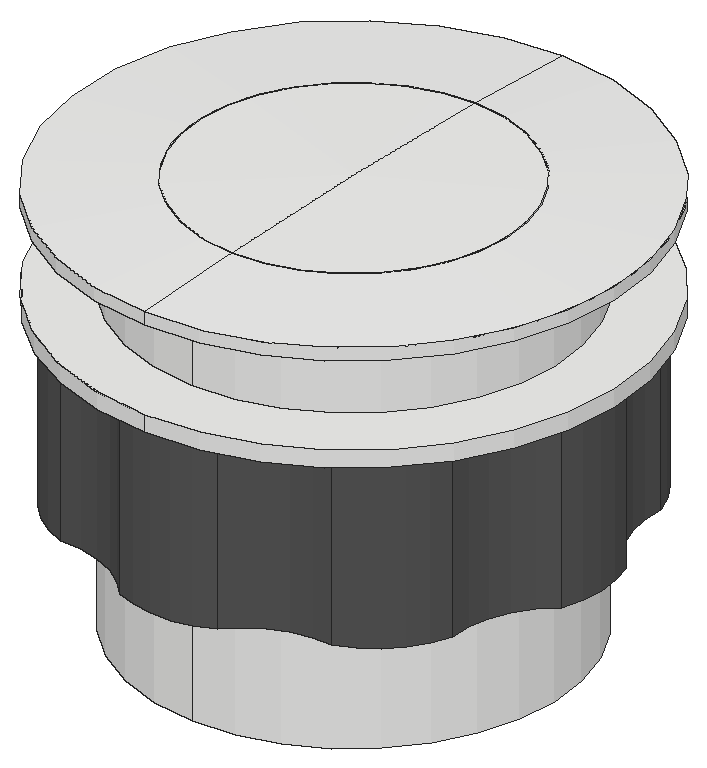
Revit family "Electronics_Masking-Generators_Biamp_Qt-Conference-Room-Edition_Emitter-W", category Communication Devices, host Face, Revit 2020
Family settings
  Host = Face
  Maintain Annotation Orientation = No
  Round Connector Dimension = Use Diameter
  Part Type = Normal
  OmniClass Number = 23.85.10.00
  OmniClass Title = General Information Systems
  Cut with Voids When Loaded = No
  Shared = No
  Room Calculation Point = No
Parameters (values of type "QT Emitter")
  Width [instance] = if([Nom Drywall Rough-in Mount], 5", if(Nom Ceiling Conduit Mount, 4.9", 0"))  # 0"
  Weight [instance] = if(Nom Beam Mount, 0.61 lbf, if(Nom Ceiling Conduit Mount, 5.01 lbf, if(Nom Drywall Mount, 0.42 lbf, if([Nom Drywall Rough-in Mount], 1.76 lbf, if(Nom Pendant Mount, 1.10 lbf, if(Nom Universal Mount, 0.59 lbf, 0.35 lbf))))))  # 0.35 lbf
  Version = 1
  Universal Mount = Universal Mount : Universal Mount
  URL = "https://www.biamp.com/"
  Temperature Range = "40 – 90° F (4 – 32° C)"  # constant formula
  Step [instance] = if(Nom Beam Mount, 2.24409", 0")  # 0"
  Standard Mount = Standard Mount : Standard Mount
  Sound Masking = "200Hz to 10kHz"  # constant formula
  Selectable Attenuation = "0dB, -3dB, -6dB, -9dB"  # constant formula
  Rotate note [instance] = "Only works with Universal Mount"  # constant formula
  Rotate angle [instance] = 0.00°
  Product data url = "https://bimobject.com/biamp/product/qt-cre_masking-generator"
  Product Page URL = "https://www.biamp.com/products/product-families/cambridge/masking-generators#qt-cre"
  Product Documentation Link = "https://downloads.biamp.com/assets/docs/default-source/data-sheets/biamp_data_sheet_qt_conference_room_edition.pdf"
  Pendant Mount = Pendant Mount : Pendant Mount
  Offset note [instance] = "Only works with Pendant Mount"  # constant formula
  Offset Emitter [instance] = if(Nom Pendant Mount, 8.14961", 0.03937")  # 0.03937"
  Pendant length [instance] = 3.54331"
  Nominal Impedance = "3.6kΩ"  # constant formula
  Nominal Dispersion = "170° conical/half space"  # constant formula
  Nom ceiling thickness [instance] = if(or(Nom Beam Mount, Nom Pendant Mount, Nom Universal Mount), 0.1", Ceiling thickness)  # 0.5"
  Nom Offset [instance] = if(Nom Universal Mount, 5.51", if(Nom Beam Mount, 2.36", if(or(Nom Ceiling Conduit Mount, Nom Drywall Mount, [Nom Drywall Rough-in Mount], Nom Standart Mount), 0", if(and(Nom Pendant Mount, or(Pendant length < 2", Pendant length = 2")), 2", if(and(Nom Pendant Mount, and(Pendant length > 2", Pendant length < 240")), Pendant length, if(and(Nom Pendant Mount, or(Pendant length > 240", Pendant length = 240")), 240", 0"))))))  # 0"
  Nom Universal Mount [instance] = Mounting kits = Universal Mount  # no
  Nom Standart Mount [instance] = Mounting kits = Standard Mount  # yes
  Nom Pendant Mount [instance] = Mounting kits = Pendant Mount  # no
  Nom Drywall Rough-in Mount [instance] = Mounting kits = [Drywall Rough-in Mount]  # no
  Nom Drywall Mount [instance] = Mounting kits = Drywall Mount  # no
  Nom Ceiling Conduit Mount [instance] = Mounting kits = Ceiling Conduit Mount  # no
  Nom Beam Mount [instance] = Mounting kits = Beam Mount  # no
  Music/Paging = "200Hz to 10kHz"  # constant formula
  Mounting kits [instance] = Standard Mount : Standard Mount
  Model = "QT Emitter"  # constant formula
  Minimum Masking SPL (@ 1m) = "30dBA"  # constant formula
  Maximum Number of Runs = "2"  # constant formula
  Maximum Music/Paging SPL (@ 1m) = "62dBA"  # constant formula
  Maximum Masking SPL (@ 1m) = "60dBA"  # constant formula
  Maximum Emitter Quantity (per Run) = "60"  # constant formula
  Maximum Cabling Distance (per Run) = "1000 feet (300m)"  # constant formula
  Manufacturer = "Biamp"  # constant formula
  Loudspeaker Type = "Passive with Transformer"  # constant formula
  Humidity = "0–95%, non-condensing"  # constant formula
  Height [instance] = if(Nom Standart Mount, 1", if(Nom Universal Mount, 4", if(Nom Beam Mount, 4", if(Nom Pendant Mount, 7", if(Nom Drywall Mount, 2.1", if([Nom Drywall Rough-in Mount], 0.38", 5.5"))))))  # 1"
  Drywall Rough-in Mount = Drywall Rough-in Mount : Drywall Rough-in Mount
  Drywall Mount = Drywall Mount : Drywall Mount
  Driver Diameter = "1.25 inches (32mm)"  # constant formula
  Diameter [instance] = if(Nom Standart Mount, 2.5", if(Nom Universal Mount, 3.5", if(Nom Beam Mount, 3.5", if(Nom Pendant Mount, 3.3", if(Nom Drywall Mount, 3.5", 2.5")))))  # 2.5"
  Description = "QT® Conference Room Edition Speech Privacy Solution for Conference Rooms"  # constant formula
  Depth [instance] = if([Nom Drywall Rough-in Mount], 28", if(Nom Ceiling Conduit Mount, 5.1", 0"))  # 0"
  Date Updated = ""
  Date Created = "2023/08/21"
  Connector Description = "RJ-45 Input"  # constant formula
  Channel Selection = "4 Channels (Auto Sequencing and Repeating)"  # constant formula
  Ceiling thickness note [instance] = "Only works with mount kits: Standard Mount, Drywall Mount, Drywall Rough-in Bracket, Ceiling Conduit Mount"  # constant formula
  Ceiling Conduit Mount = Ceiling Conduit Mount : Ceiling Conduit Mount
  Cable Type = "UTP Twisted Category 3 Type CMP (Plenum)"  # constant formula
  Beam Mount = Beam Mount : Beam Mount
  Angle [instance] = if(and(Nom Universal Mount, or(Rotate angle < -120.00°, Rotate angle = -120.00°)), -120.00°, if(and(Nom Universal Mount, and(Rotate angle > -120.00°, Rotate angle < 120.00°)), Rotate angle, if(and(Nom Universal Mount, or(Rotate angle > 120.00°, Rotate angle = 120.00°)), 120.00°, if(Nom Beam Mount, 180.00°, if(Nom Pendant Mount, 0.00°, 0.00°)))))  # 0.00°
  Radius [instance] = if(or(Nom Ceiling Conduit Mount, Nom Drywall Mount, [Nom Drywall Rough-in Mount], Nom Standart Mount), 1.25197", 0.01969")  # 1.25197"
  Housing Material = Biamp - Plastic - White
  Grid Material = Biamp - Plastic - White(Grid)
  Default Elevation = 92"
  Ceiling thickness [instance] = 0.5"
  Altitude = "0-6,600 feet (0–2000 Meters) MSL"  # constant formula
Reference planes (in)
  plane 1 "Center (Front/Back)": y = 0
  plane 2: z = 0
  plane 3 "Center (Left/Right)": x = 0
  plane 4: y = 0
Forms (in)
  Extrusion 1, solid, material "Biamp - Plastic - Black", visible <- "Nom Universal Mount"
    sketch origin (0, 0, 0) x (1, 0, 0) y (0, 1, 0)
      loop
        line (-1.50182, -1.20079) -> (1.50182, -1.20079)
        arc (1.50182, -1.20079) -> (1.62437, -1.15799) -> (1.69363, -1.04819) r 0.19685
        arc (1.69363, -1.04819) -> (1.81299, 0) -> (1.69363, 1.04819) r 4.66216
        arc (1.69363, 1.04819) -> (1.62437, 1.15799) -> (1.50182, 1.20079) r 0.19685
        line (1.50182, 1.20079) -> (-1.50182, 1.20079)
        arc (-1.50182, 1.20079) -> (-1.62437, 1.15799) -> (-1.69363, 1.04819) r 0.19685
        arc (-1.69363, 1.04819) -> (-1.81299, 0) -> (-1.69363, -1.04819) r 4.66216
        arc (-1.69363, -1.04819) -> (-1.62437, -1.15799) -> (-1.50182, -1.20079) r 0.19685
    from 0 to 0.3937
  Extrusion 2, solid, material "Biamp - Plastic - Black", visible <- "Nom Universal Mount", detail levels medium+fine
    sketch origin (0, 0, 0) x (1, 0, 0) y (0, 1, 0)
      loop
        arc (-1.69363, 1.04819) -> (-1.81299, 0) -> (-1.69363, -1.04819) r 4.66216
        line (-1.69363, -1.04819) -> (-1.65527, -1.03934)
        arc (-1.65527, -1.03934) -> (-1.77362, 0) -> (-1.65527, 1.03934) r 4.62279
        line (-1.65527, 1.03934) -> (-1.69363, 1.04819)
      loop
        line (1.69363, 1.04819) -> (1.65527, 1.03934)
        arc (1.65527, 1.03934) -> (1.77362, 0) -> (1.65527, -1.03934) r 4.62279
        line (1.65527, -1.03934) -> (1.69363, -1.04819)
        arc (1.69363, -1.04819) -> (1.81299, 0) -> (1.69363, 1.04819) r 4.66216
    from 0.3937 to 4.08117
  Extrusion 3, void
    sketch origin (0, 0, 0) x (0, 1, 0) y (0, 0, 1)
      loop
        line (-0.9133, 0.39416) -> (-0.52392, 3.1648)
        arc (-0.52392, 3.1648) -> (0, 3.62024) -> (0.52392, 3.1648) r 0.52906
        line (0.52392, 3.1648) -> (0.9133, 0.39416) -> (1.24019, 0.39416) -> (1.24019, 4.33117) -> (-1.20728, 4.33117) -> (-1.20728, 0.39416) -> (-0.9133, 0.39416)
      loop
        arc (0.3477, 0.66255) -> (0.53753, 0.74906) -> (0.59677, 0.94908) r 0.25152
        line (0.59677, 0.94908) -> (0.34418, 2.74638)
        arc (0.34418, 2.74638) -> (0, 3.04557) -> (-0.34418, 2.74638) r 0.34756
        line (-0.34418, 2.74638) -> (-0.59677, 0.94908)
        arc (-0.59677, 0.94908) -> (-0.53753, 0.74906) -> (-0.3477, 0.66255) r 0.25152
        line (-0.3477, 0.66255) -> (0.3477, 0.66255)
    from -2.52212 to 2.86082
  Revolve 4, void
    sketch origin (0, 0, -2.44094) x (0, 0, 1) y (0, -1, 0)
      loop
        line (2.44094, 0) -> (-1.88976, 0) -> (-1.88976, -1.25) -> (2.44094, -1.25) -> (2.44094, 0)
      axis (-1.88976, 0) -> (2.44094, 0)
    angle from 0 to 360
  Extrusion 5, void
    sketch origin (0, 0, 0) x (1, 0, 0) y (0, 1, 0)
      loop
        circle (0, 0) r 1.25197
    from -0.5 to 0
  Extrusion 6, solid, material "Biamp - Plastic - White" <- "Housing Material", visible <- "Nom Standart Mount"
    sketch origin (0, 16.72916, -0.5) x (0, -1, 0) y (1, 0, 0)
      loop
        circle (16.72916, 0) r 1.26181
      loop
        circle (16.72916, 0) r 1.62598
    from -0.09843 to 0
  Extrusion 7, solid, material "Biamp - Plastic - Black", visible <- "Nom Standart Mount", detail levels medium+fine
    sketch origin (0, 16.72916, -0.59843) x (1, 0, 0) y (0, -1, 0)
      loop
        circle (0, 16.72916) r 1.26181
      loop
        arc (-1.47144, 16.43388) -> (-1.29164, 16.18907) -> (-1.24366, 15.88913) r 0.64567
        arc (-1.24366, 15.88913) -> (-1.08363, 15.63091) -> (-0.82329, 15.47436) r 0.64618
        arc (-0.82329, 15.47436) -> (-0.51685, 15.428) -> (-0.26731, 15.24419) r 0.64567
        arc (-0.26731, 15.24419) -> (0.02823, 15.18692) -> (0.31764, 15.26977) r 0.64618
        arc (0.31764, 15.26977) -> (0.55848, 15.44533) -> (0.8525, 15.49402) r 0.64567
        arc (0.8525, 15.49402) -> (1.1091, 15.65664) -> (1.26303, 15.91854) r 0.64618
        arc (1.26303, 15.91854) -> (1.30779, 16.22912) -> (1.49369, 16.48192) r 0.64567
        arc (1.49369, 16.48192) -> (1.54285, 16.72916) -> (1.49369, 16.97639) r 0.64618
        arc (1.49369, 16.97639) -> (1.30779, 17.22919) -> (1.26303, 17.53977) r 0.64567
        arc (1.26303, 17.53977) -> (1.1091, 17.80168) -> (0.8525, 17.9643) r 0.64618
        arc (0.8525, 17.9643) -> (0.55848, 18.01299) -> (0.31764, 18.18855) r 0.64567
        arc (0.31764, 18.18855) -> (0.02823, 18.2714) -> (-0.26731, 18.21413) r 0.64618
        arc (-0.26731, 18.21413) -> (-0.51685, 18.03032) -> (-0.82329, 17.98396) r 0.64567
        arc (-0.82329, 17.98396) -> (-1.08363, 17.8274) -> (-1.24366, 17.56918) r 0.64618
        arc (-1.24366, 17.56918) -> (-1.29164, 17.26925) -> (-1.47144, 17.02443) r 0.64567
        arc (-1.47144, 17.02443) -> (-1.54285, 16.72916) -> (-1.47144, 16.43388) r 0.64618
    from 0 to 1.05815
  Extrusion 8, solid, material "Biamp - Plastic - White" <- "Housing Material", visible <- "Nom Drywall Mount"
    sketch origin (0, 16.72916, -0.5) x (0, -1, 0) y (1, 0, 0)
      loop
        circle (16.72916, 0) r 1.26181
      loop
        circle (16.72916, 0) r 1.5748
    from -0.09843 to 0
  Extrusion 9, solid, material "Biamp - Plastic - White" <- "Housing Material", visible <- "Nom Drywall Mount"
    sketch origin (0, 16.72916, -0.59843) x (1, 0, 0) y (0, -1, 0)
      loop
        circle (0, 16.72916) r 1.26181
      loop
        circle (0, 16.72916) r 1.34055
    from 0 to 1.50655
  Extrusion 10, void
    sketch origin (0, 16.72916, -0.5) x (0, -1, 0) y (0, 0, -1)
      loop
        line (18.14564, 1.60497) -> (15.35121, 1.60497) -> (15.35121, 1.2541) -> (18.14564, 1.2541) -> (18.14564, 1.60497)
    from -0.98425 to 0.98425
  Sweep 11, solid, material "Biamp - Metal - Black", visible <- "Nom Drywall Mount", detail levels medium+fine
    path origin (0, 16.72916, -0.5) x (0, -1, 0) y (1, 0, 0)
      loop
        line (17.00475, 0) -> (16.45357, 0)
    profile origin (0, 0, -0.5) x (-1, 0, 0) y (0, 0, 1)
      loop
        line (1.30062, -1.53238) -> (1.30062, -1.57838)
        arc (1.30062, -1.57838) -> (1.97291, -0.94249) -> (2.31108, -0.08111) r 2.12448
        arc (2.31108, -0.08111) -> (2.34487, -0.05189) -> (2.37924, -0.08043) r 0.03455
        line (2.37924, -0.08043) -> (2.40929, -0.25083)
        arc (2.40929, -0.25083) -> (2.48706, -0.31608) -> (2.56483, -0.25083) r 0.07897
        line (2.56483, -0.25083) -> (2.57468, -0.19496) -> (2.53591, -0.18812) -> (2.52508, -0.24952)
        arc (2.52508, -0.24952) -> (2.48706, -0.28142) -> (2.44903, -0.24952) r 0.03861
        line (2.44903, -0.24952) -> (2.41545, -0.05907)
        arc (2.41545, -0.05907) -> (2.34409, 0) -> (2.27433, -0.06096) r 0.07149
        arc (2.27433, -0.06096) -> (1.95078, -0.90474) -> (1.30062, -1.53238) r 2.08511
      loop
        line (-1.30092, -1.57838) -> (-1.30092, -1.53238)
        arc (-1.30092, -1.53238) -> (-1.95109, -0.90474) -> (-2.27464, -0.06096) r 2.08511
        arc (-2.27464, -0.06096) -> (-2.34439, 0) -> (-2.41576, -0.05907) r 0.07149
        line (-2.41576, -0.05907) -> (-2.44934, -0.24952)
        arc (-2.44934, -0.24952) -> (-2.48736, -0.28142) -> (-2.52539, -0.24952) r 0.03861
        line (-2.52539, -0.24952) -> (-2.53621, -0.18812) -> (-2.57498, -0.19496) -> (-2.56513, -0.25083)
        arc (-2.56513, -0.25083) -> (-2.48736, -0.31608) -> (-2.40959, -0.25083) r 0.07897
        line (-2.40959, -0.25083) -> (-2.37955, -0.08043)
        arc (-2.37955, -0.08043) -> (-2.34518, -0.05189) -> (-2.31139, -0.08111) r 0.03455
        arc (-2.31139, -0.08111) -> (-1.97321, -0.94249) -> (-1.30092, -1.57838) r 2.12448
  Extrusion 12, void
    sketch origin (0, 16.72916, -2.10497) x (0, 1, 0) y (1, 0, 0)
      loop
        arc (-17.05732, -1.29976) -> (-16.74348, -1.34047) -> (-16.42884, -1.30648) r 1.34055
        line (-16.42884, -1.30648) -> (-16.42884, -1.15698) -> (-17.05732, -1.15698) -> (-17.05732, -1.29976)
      loop
        line (-17.05732, 1.29976) -> (-17.05732, 1.15698) -> (-16.42884, 1.15698) -> (-16.42884, 1.30648)
        arc (-16.42884, 1.30648) -> (-16.74348, 1.34047) -> (-17.05732, 1.29976) r 1.34055
    from -0.40627 to 0
  Extrusion 13, solid, material "Biamp - Plastic - White" <- "Housing Material", visible <- "Nom Drywall Rough-in Mount"
    sketch origin (0, 16.72916, -0.5) x (0, -1, 0) y (1, 0, 0)
      loop
        circle (16.72916, 0) r 1.26181
      loop
        circle (16.72916, 0) r 1.5748
    from -0.09843 to 0
  Extrusion 14, solid, material "Biamp - Plastic - White" <- "Housing Material", visible <- "Nom Drywall Rough-in Mount"
    sketch origin (0, 16.72916, -0.59843) x (1, 0, 0) y (0, -1, 0)
      loop
        circle (0, 16.72916) r 1.26181
      loop
        circle (0, 16.72916) r 1.34055
    from 0 to 1.50655
  Sweep 15, solid, material "Biamp - Metal - Black", visible <- "Nom Drywall Rough-in Mount", detail levels medium+fine
    path origin (0, 16.72916, -0.5) x (0, -1, 0) y (1, 0, 0)
      loop
        line (17.00475, 0) -> (16.45357, 0)
    profile origin (0, 0, -0.5) x (-1, 0, 0) y (0, 0, 1)
      loop
        line (-1.29553, -1.53041) -> (-1.30352, -1.4851)
        arc (-1.30352, -1.4851) -> (-2.05279, -0.9799) -> (-2.51795, -0.20513) r 2.08511
        arc (-2.51795, -0.20513) -> (-2.59723, -0.1572) -> (-2.65725, -0.22777) r 0.07149
        line (-2.65725, -0.22777) -> (-2.65725, -0.42115)
        arc (-2.65725, -0.42115) -> (-2.68916, -0.45918) -> (-2.73215, -0.43436) r 0.03861
        line (-2.73215, -0.43436) -> (-2.75347, -0.37578) -> (-2.79046, -0.38924) -> (-2.77106, -0.44255)
        arc (-2.77106, -0.44255) -> (-2.68314, -0.49331) -> (-2.61788, -0.41554) r 0.07897
        line (-2.61788, -0.41554) -> (-2.61788, -0.24252)
        arc (-2.61788, -0.24252) -> (-2.589, -0.20844) -> (-2.55064, -0.23135) r 0.03455
        arc (-2.55064, -0.23135) -> (-2.06803, -1.02092) -> (-1.29553, -1.53041) r 2.12448
      loop
        arc (1.29553, -1.53041) -> (2.06803, -1.02092) -> (2.55064, -0.23135) r 2.12448
        arc (2.55064, -0.23135) -> (2.589, -0.20844) -> (2.61788, -0.24252) r 0.03455
        line (2.61788, -0.24252) -> (2.61788, -0.41554)
        arc (2.61788, -0.41554) -> (2.68314, -0.49331) -> (2.77106, -0.44255) r 0.07897
        line (2.77106, -0.44255) -> (2.79046, -0.38924) -> (2.75347, -0.37578) -> (2.73215, -0.43436)
        arc (2.73215, -0.43436) -> (2.68916, -0.45918) -> (2.65725, -0.42115) r 0.03861
        line (2.65725, -0.42115) -> (2.65725, -0.22777)
        arc (2.65725, -0.22777) -> (2.59723, -0.1572) -> (2.51795, -0.20513) r 0.07149
        arc (2.51795, -0.20513) -> (2.05279, -0.9799) -> (1.30352, -1.4851) r 2.08511
        line (1.30352, -1.4851) -> (1.29553, -1.53041)
  Extrusion 16, solid, material "Biamp - Metal - Gray", visible <- "Nom Drywall Rough-in Mount"
    sketch origin (0, 16.72916, -0.5) x (0, -1, 0) y (1, 0, 0)
      loop
        line (14.22916, 14) -> (14.22916, -14) -> (19.22916, -14) -> (19.22916, 14) -> (14.22916, 14)
      loop
        circle (16.72916, 0) r 1.37992
    from -0.15748 to -0.09843
  Extrusion 17, solid, material "Biamp - Metal - Gray", visible <- "Nom Ceiling Conduit Mount"
    sketch origin (0, 16.72916, -0.5) x (0, -1, 0) y (1, 0, 0)
      loop
        line (14.3079, -2.42126) -> (19.15042, -2.42126) -> (19.15042, 2.42126) -> (14.3079, 2.42126) -> (14.3079, -2.42126)
      loop
        circle (16.72916, 0) r 1.26181
    from -4.88189 to 0
  Sweep 18, solid, material "Biamp - Metal - Gray", visible <- "Nom Ceiling Conduit Mount"
    path origin (0, 16.72916, -0.5) x (0, -1, 0) y (1, 0, 0)
      loop
        line (19.15042, -12.16535) -> (19.15042, 12.16535)
    profile origin (0, -2.42126, -0.5) x (0, 1, 0) y (0, 0, 1)
      loop
        line (0, 0) -> (-1.5748, 0) -> (-1.5748, -0.07874) -> (-0.07874, -0.07874) -> (-0.07874, -1.5748) -> (0, -1.5748) -> (0, 0)
      loop
        line (4.84252, 0) -> (4.84252, -1.5748) -> (4.92126, -1.5748) -> (4.92126, -0.07874) -> (6.41732, -0.07874) -> (6.41732, 0) -> (4.84252, 0)
  Extrusion 19, solid, material "Biamp - Metal - Gray", visible <- "Nom Ceiling Conduit Mount", detail levels medium+fine
    sketch origin (-12.16535, -2.5, -2.0748) x (1, 0, 0) y (0, 0, 1)
      loop
        line (24.25197, 1.49606) -> (24.25197, -0.66929) -> (25.23622, -0.66929) -> (25.23622, 1.49606) -> (25.15748, 1.49606) -> (25.15748, -0.59055) -> (24.33071, -0.59055) -> (24.33071, 1.49606) -> (24.25197, 1.49606)
    from 0 to 0.98425
  Extrusion 20, solid, material "Biamp - Metal - Gray", visible <- "Nom Ceiling Conduit Mount", detail levels medium+fine
    sketch origin (-12.16535, 2.5, -0.57874) x (1, 0, 0) y (0, 0, -1)
      loop
        line (24.25197, 0) -> (24.33071, 0) -> (24.33071, 2.08661) -> (25.15748, 2.08661) -> (25.15748, 0) -> (25.23622, 0) -> (25.23622, 2.16535) -> (24.25197, 2.16535) -> (24.25197, 0)
    from 0 to 0.98425
  Extrusion 21, solid, material "Biamp - Metal - Gray", visible <- "Nom Ceiling Conduit Mount", detail levels medium+fine
    sketch origin (-37.32283, -2.5, -2.0748) x (1, 0, 0) y (0, 0, 1)
      loop
        line (24.25197, 1.49606) -> (24.25197, -0.66929) -> (25.23622, -0.66929) -> (25.23622, 1.49606) -> (25.15748, 1.49606) -> (25.15748, -0.59055) -> (24.33071, -0.59055) -> (24.33071, 1.49606) -> (24.25197, 1.49606)
    from 0 to 0.98425
  Extrusion 22, solid, material "Biamp - Metal - Gray", visible <- "Nom Ceiling Conduit Mount", detail levels medium+fine
    sketch origin (-37.32283, 2.5, -0.57874) x (1, 0, 0) y (0, 0, -1)
      loop
        line (24.25197, 0) -> (24.33071, 0) -> (24.33071, 2.08661) -> (25.15748, 2.08661) -> (25.15748, 0) -> (25.23622, 0) -> (25.23622, 2.16535) -> (24.25197, 2.16535) -> (24.25197, 0)
    from 0 to 0.98425
  Sweep 23, solid, material "Biamp - Plastic - Black", visible <- "Nom Beam Mount", detail levels medium+fine
    path origin (0, 2.24513, -1.23668) x (0, 1, 0) y (0, 0, 1)
      loop
        line (-2.63386, 0) -> (-1.69291, 0) -> (-1.69291, 1.42618) -> (-3.44488, 1.42618)
    profile origin (0, 0.08174, -1.23668) x (0, 0, 1) y (1, 0, 0)
      loop
        arc (0.14306, -0.35679) -> (0.18886, -0.32513) -> (0.1572, -0.27933) r 0.03937
        arc (0.1572, -0.27933) -> (0.13977, -0.27512) -> (0.12293, -0.26895) r 0.15777
        arc (0.12293, -0.26895) -> (0.10596, -0.24751) -> (0.11447, -0.22152) r 0.02888
        arc (0.11447, -0.22152) -> (0.1495, -0.17112) -> (0.16184, -0.111) r 0.15264
        line (0.16184, -0.111) -> (0.16184, 0.111)
        arc (0.16184, 0.111) -> (0.1495, 0.17112) -> (0.11447, 0.22152) r 0.15264
        arc (0.11447, 0.22152) -> (0.10596, 0.24751) -> (0.12293, 0.26895) r 0.02888
        arc (0.12293, 0.26895) -> (0.13977, 0.27512) -> (0.1572, 0.27933) r 0.15777
        arc (0.1572, 0.27933) -> (0.18886, 0.32513) -> (0.14306, 0.35679) r 0.03937
        arc (0.14306, 0.35679) -> (0.07734, 0.33445) -> (0.02093, 0.29398) r 0.23651
        arc (0.02093, 0.29398) -> (0.00039, 0.24967) -> (0.0148, 0.20301) r 0.06807
        arc (0.0148, 0.20301) -> (0.02977, 0.18718) -> (0.04733, 0.17429) r 0.12053
        arc (0.04733, 0.17429) -> (0.07354, 0.14735) -> (0.0831, 0.111) r 0.0739
        line (0.0831, 0.111) -> (0.0831, -0.111)
        arc (0.0831, -0.111) -> (0.07354, -0.14735) -> (0.04733, -0.17429) r 0.0739
        arc (0.04733, -0.17429) -> (0.02977, -0.18718) -> (0.0148, -0.20301) r 0.12053
        arc (0.0148, -0.20301) -> (0.00039, -0.24967) -> (0.02093, -0.29398) r 0.06807
        arc (0.02093, -0.29398) -> (0.07734, -0.33445) -> (0.14306, -0.35679) r 0.23651
  Revolve 24, solid, material "Biamp - Plastic - Black", visible <- "Nom Pendant Mount"
    sketch origin (0, 0, 0) x (0, 1, 0) y (0, 0, 1)
      loop
        line (0, 0) -> (0, 1.16405) -> (-0.33877, 1.16405) -> (-0.47679, 0.18201)
        arc (-0.47679, 0.18201) -> (-0.67322, 0.31245) -> (-0.84394, 0.4751) r 1.34944
        arc (-0.84394, 0.4751) -> (-1.90571, 0.35412) -> (-2.95276, 0.14035) r 12.15581
        line (-2.95276, 0.14035) -> (-2.95276, 0) -> (0, 0)
      axis (0, 0) -> (0, 1.16405)
    angle from 0 to 360
  Extrusion 25, solid, material "Biamp - Plastic - White" <- "Housing Material", visible <- "Nom Pendant Mount"
    sketch origin (0, 0, 1.16405) x (-1, 0, 0) y (0, -1, 0)
      loop
        circle (0, 0) r 0.05877
    from 0 to -1.16405
  Revolve 26, solid, material "Biamp - Plastic - Black", visible <- "Nom Pendant Mount", detail levels medium+fine
    sketch origin (0, 0.93869, 0) x (0, -1, 0) y (0, 0, -1)
      loop
        line (0.93869, 0) -> (0.93869, -5.73407) -> (2.18869, -5.73407) -> (2.18869, -8.10858) -> (2.59223, -8.10858) -> (2.59223, -1.42747)
        arc (2.59223, -1.42747) -> (2.30729, -1.05282) -> (1.85859, -0.91063) r 0.77912
        line (1.85859, -0.91063) -> (1.55634, -0.91063)
        arc (1.55634, -0.91063) -> (1.46569, -0.45906) -> (1.42836, 0) r 3.93915
        line (1.42836, 0) -> (0.93869, 0)
      axis (0.93869, 0) -> (0.93869, -8.10858)
    angle from 0 to 360
  Extrusion 27, solid, material "Biamp - Plastic - Black", visible <- "Nom Beam Mount"
    sketch origin (0, 0, 2.56472) x (1, 0, 0) y (0, 1, 0)
      loop
        circle (0, 0) r 1.69291
    from -6.89542 to -2.56472
  Revolve 28, solid, material "Biamp - Plastic - Black", visible <- "Nom Pendant Mount", detail levels coarse
    sketch origin (0, 0.93869, 0) x (0, -1, 0) y (0, 0, -1)
      loop
        line (0.93869, 0) -> (0.93869, -5.73407) -> (2.18869, -5.73407) -> (2.18869, -8.10858) -> (2.59223, -8.10858) -> (2.59223, -1.42747) -> (1.42836, 0) -> (0.93869, 0)
      axis (0.93869, 0) -> (0.93869, -8.10858)
    angle from 0 to 360
  Extrusion 29, solid, material "Biamp - Plastic - Black", visible <- "Nom Universal Mount", detail levels coarse
    sketch origin (0, 0, 0) x (1, 0, 0) y (0, 1, 0)
      loop
        arc (-1.69363, 1.04819) -> (-1.81299, 0) -> (-1.69363, -1.04819) r 4.66216
        line (-1.69363, -1.04819) -> (-1.65527, -1.03934)
        arc (-1.65527, -1.03934) -> (-1.77362, 0) -> (-1.65527, 1.03934) r 4.62279
        line (-1.65527, 1.03934) -> (-1.69363, 1.04819)
      loop
        line (1.69363, 1.04819) -> (1.65527, 1.03934)
        arc (1.65527, 1.03934) -> (1.77362, 0) -> (1.65527, -1.03934) r 4.62279
        line (1.65527, -1.03934) -> (1.69363, -1.04819)
        arc (1.69363, -1.04819) -> (1.81299, 0) -> (1.69363, 1.04819) r 4.66216
    from 0.3937 to 4.08117
  Extrusion 30, void
    sketch origin (0, 0, 0) x (0, 1, 0) y (0, 0, 1)
      loop
        line (-0.9133, 0.39416) -> (-0.52392, 3.1648)
        arc (-0.52392, 3.1648) -> (0, 3.62024) -> (0.52392, 3.1648) r 0.52906
        line (0.52392, 3.1648) -> (0.9133, 0.39416) -> (1.24019, 0.39416) -> (1.24019, 4.33117) -> (-1.20728, 4.33117) -> (-1.20728, 0.39416) -> (-0.9133, 0.39416)
    from -2.52212 to 2.86082
  Sweep 31, solid, material "Biamp - Plastic - Black", visible <- "Nom Beam Mount", detail levels coarse
    path origin (0, 2.24513, -1.23668) x (0, 1, 0) y (0, 0, 1)
      loop
        line (-2.63386, 0) -> (-1.69291, 0) -> (-1.69291, 1.42618) -> (-3.44488, 1.42618)
    profile origin (0, 0.08174, -1.23668) x (0, 0, 1) y (1, 0, 0)
      loop
        line (0.18886, -0.35679) -> (0.18886, 0.35679) -> (0.00039, 0.35679) -> (0.00039, -0.35679) -> (0.18886, -0.35679)
  Extrusion 32, solid, material "Biamp - Plastic - Black", visible <- "Nom Standart Mount", detail levels coarse
    sketch origin (0, 16.72916, -0.59843) x (1, 0, 0) y (0, -1, 0)
      loop
        circle (0, 16.72916) r 1.26181
      loop
        circle (0, 16.72916) r 1.54285
    from 0 to 1.05815
Cuts and joins
  Extrusion 10 cuts Extrusion 9
  Extrusion 12 cuts Sweep 11
  Extrusion 10 cuts Extrusion 14
  Extrusion 12 cuts Sweep 15
  Revolve 4 cuts Extrusion 27
  Extrusion 3 cuts Extrusion 2
  Extrusion 30 cuts Extrusion 29
Lines and regions (in)
  Masking region 1, visible <- "Nom Universal Mount"
    outline origin (0, 0, 0) x (0, 1, 0) y (0, 0, 1)
      loop
        line (-1.20079, 0.3937) -> (-1.20079, 0) -> (1.20079, 0) -> (1.20079, 0.3937) -> (-1.20079, 0.3937)
  Masking region 2, visible <- "Nom Universal Mount"
    outline origin (0, 0, 0) x (0, 1, 0) y (0, 0, 1)
      loop
        line (-0.52392, 3.1648) -> (-0.91337, 0.3937) -> (0.91337, 0.3937) -> (0.52392, 3.1648)
        arc (0.52392, 3.1648) -> (0, 3.62024) -> (-0.52392, 3.1648) r 0.52906
      loop
        line (-0.34418, 2.74638) -> (-0.59677, 0.94908)
        arc (-0.59677, 0.94908) -> (-0.53753, 0.74906) -> (-0.3477, 0.66255) r 0.25152
        line (-0.3477, 0.66255) -> (0.3477, 0.66255)
        arc (0.3477, 0.66255) -> (0.53753, 0.74906) -> (0.59677, 0.94908) r 0.25152
        line (0.59677, 0.94908) -> (0.34418, 2.74638)
        arc (0.34418, 2.74638) -> (0, 3.04557) -> (-0.34418, 2.74638) r 0.34756
  Masking region 3, visible <- "Nom Universal Mount"
    outline origin (0, 0, -2.44094) x (0, 0, 1) y (0, -1, 0)
      loop
        line (2.44094, 1.69291) -> (-1.88976, 1.69291) -> (-1.88976, -1.69291) -> (2.44094, -1.69291) -> (2.44094, 1.69291)
  Masking region 4, visible <- "Nom Universal Mount"
    outline origin (0, 0, 0) x (1, 0, 0) y (0, 1, 0)
      loop
        line (1.50182, 1.20079) -> (-1.50182, 1.20079)
        arc (-1.50182, 1.20079) -> (-1.62437, 1.15799) -> (-1.69363, 1.04819) r 0.19685
        arc (-1.69363, 1.04819) -> (-1.81299, 0) -> (-1.69363, -1.04819) r 4.66216
        arc (-1.69363, -1.04819) -> (-1.62437, -1.15799) -> (-1.50182, -1.20079) r 0.19685
        line (-1.50182, -1.20079) -> (1.50182, -1.20079)
        arc (1.50182, -1.20079) -> (1.62437, -1.15799) -> (1.69363, -1.04819) r 0.19685
        arc (1.69363, -1.04819) -> (1.81299, 0) -> (1.69363, 1.04819) r 4.66216
        arc (1.69363, 1.04819) -> (1.62437, 1.15799) -> (1.50182, 1.20079) r 0.19685
  Masking region 5, visible <- "Nom Universal Mount"
    outline origin (0, 0, 0) x (1, 0, 0) y (0, 1, 0)
      loop
        arc (-1.72265, 0.91337) -> (-1.81299, 0) -> (-1.72265, -0.91337) r 4.66216
        line (-1.72265, -0.91337) -> (-1.68249, -0.91337)
        arc (-1.68249, -0.91337) -> (-1.77362, 0) -> (-1.68249, 0.91337) r 4.62279
        line (-1.68249, 0.91337) -> (-1.72265, 0.91337)
      loop
        line (1.72265, 0.91337) -> (1.68249, 0.91337)
        arc (1.68249, 0.91337) -> (1.77362, 0) -> (1.68249, -0.91337) r 4.62279
        line (1.68249, -0.91337) -> (1.72265, -0.91337)
        arc (1.72265, -0.91337) -> (1.81299, 0) -> (1.72265, 0.91337) r 4.66216
  Masking region 6, visible <- "Nom Beam Mount"
    outline origin (0, 1.51196, 0.00205) x (0, 1, 0) y (0, 0, 1)
      loop
        line (-2.71172, 0.18706) -> (-2.71172, -0.0022) -> (-1.14922, -0.0022) -> (-1.14922, -1.04938) -> (-1.90069, -1.04938) -> (-1.90069, -1.23865) -> (-0.96078, -1.23865) -> (-0.96078, 0.18706) -> (-2.71172, 0.18706)
  Masking region 7, visible <- "Nom Beam Mount"
    outline origin (0, 0, -2.44094) x (0, 0, 1) y (0, -1, 0)
      loop
        line (-1.88976, -1.69291) -> (2.44094, -1.69291) -> (2.44094, 1.69291) -> (-1.88976, 1.69291) -> (-1.88976, -1.69291)
  Masking region 8, visible <- "Nom Ceiling Conduit Mount"
    outline origin (-2.54997, -16.52759, -0.5) x (1, 0, 0) y (0, 0, 1)
      loop
        line (-9.61539, -0.07874) -> (14.71532, -0.07874) -> (14.71532, 0) -> (-9.61539, 0) -> (-9.61539, -0.07874)
  Masking region 9, visible <- "Nom Ceiling Conduit Mount"
    outline origin (-2.54997, -16.52759, -0.5) x (1, 0, 0) y (0, 0, 1)
      loop
        line (0.12871, -0.07874) -> (0.12871, -4.88189) -> (4.97123, -4.88189) -> (4.97123, -0.07874) -> (0.12871, -0.07874)
  Masking region 10, visible <- "Nom Ceiling Conduit Mount"
    outline origin (-2.54997, -16.52759, -0.5) x (1, 0, 0) y (0, 0, 1)
      loop
        line (-9.53665, -0.07874) -> (-9.53665, -1.5748) -> (14.63658, -1.5748) -> (14.63658, -0.07874) -> (-9.53665, -0.07874)
  Masking region 11, visible <- "Nom Drywall Mount"
    outline origin (-2.54997, -16.52759, -0.5) x (1, 0, 0) y (0, 0, 1)
      loop
        line (0.97517, 0) -> (0.97517, -0.09843) -> (4.12477, -0.09843) -> (4.12477, 0) -> (0.97517, 0)
  Masking region 12, visible <- "Nom Drywall Mount"
    outline origin (-2.54997, -16.52759, -0.5) x (1, 0, 0) y (0, 0, 1)
      loop
        line (3.89052, -0.09843) -> (1.20942, -0.09843) -> (1.20942, -1.60497) -> (1.56572, -1.60497) -> (1.56572, -1.2541) -> (3.53422, -1.2541) -> (3.53422, -1.60497) -> (3.89052, -1.60497) -> (3.89052, -0.09843)
  Masking region 13, visible <- "Nom Drywall Mount"
    outline origin (-2.54997, -16.52759, -0.5) x (1, 0, 0) y (0, 0, 1)
      loop
        arc (0.23888, -0.08111) -> (0.56408, -0.92301) -> (1.20942, -1.55395) r 2.12448
        line (1.20942, -1.55395) -> (1.20942, -1.50731)
        arc (1.20942, -1.50731) -> (0.58629, -0.88501) -> (0.27564, -0.06096) r 2.08511
        arc (0.27564, -0.06096) -> (0.20588, 0) -> (0.13452, -0.05907) r 0.07149
        line (0.13452, -0.05907) -> (0.10094, -0.24952)
        arc (0.10094, -0.24952) -> (0.06291, -0.28142) -> (0.02489, -0.24952) r 0.03861
        line (0.02489, -0.24952) -> (0.01406, -0.18812) -> (-0.02471, -0.19496) -> (-0.01486, -0.25083)
        arc (-0.01486, -0.25083) -> (0.06291, -0.31608) -> (0.14068, -0.25083) r 0.07897
        line (0.14068, -0.25083) -> (0.17073, -0.08043)
        arc (0.17073, -0.08043) -> (0.20509, -0.05189) -> (0.23888, -0.08111) r 0.03455
      loop
        arc (4.8246, -0.06096) -> (4.51386, -0.88516) -> (3.89052, -1.5075) r 2.08511
        line (3.89052, -1.5075) -> (3.89052, -1.55414)
        arc (3.89052, -1.55414) -> (4.53607, -0.92316) -> (4.86136, -0.08111) r 2.12448
        arc (4.86136, -0.08111) -> (4.89515, -0.05189) -> (4.92952, -0.08043) r 0.03455
        line (4.92952, -0.08043) -> (4.95956, -0.25083)
        arc (4.95956, -0.25083) -> (5.03733, -0.31608) -> (5.1151, -0.25083) r 0.07897
        line (5.1151, -0.25083) -> (5.12495, -0.19496) -> (5.08618, -0.18812) -> (5.07536, -0.24952)
        arc (5.07536, -0.24952) -> (5.03733, -0.28142) -> (4.99931, -0.24952) r 0.03861
        line (4.99931, -0.24952) -> (4.96573, -0.05907)
        arc (4.96573, -0.05907) -> (4.89436, 0) -> (4.8246, -0.06096) r 0.07149
  Masking region 14, visible <- "Nom Drywall Rough-in Mount"
    outline origin (-2.54997, -16.52759, -0.5) x (1, 0, 0) y (0, 0, 1)
      loop
        line (0.97517, 0) -> (0.97517, -0.09843) -> (4.12477, -0.09843) -> (4.12477, 0) -> (0.97517, 0)
  Masking region 15, visible <- "Nom Drywall Rough-in Mount"
    outline origin (-2.54997, -16.52759, -0.5) x (1, 0, 0) y (0, 0, 1)
      loop
        line (-11.45003, -0.09843) -> (-11.45003, -0.15748) -> (16.54997, -0.15748) -> (16.54997, -0.09843) -> (-11.45003, -0.09843)
  Masking region 16, visible <- "Nom Drywall Rough-in Mount"
    outline origin (-2.54997, -16.52759, -0.5) x (1, 0, 0) y (0, 0, 1)
      loop
        line (1.20942, -1.60497) -> (1.56572, -1.60497) -> (1.56572, -1.2541) -> (3.53422, -1.2541) -> (3.53422, -1.60497) -> (3.89052, -1.60497) -> (3.89052, -0.15748) -> (1.20942, -0.15748) -> (1.20942, -1.60497)
  Masking region 17, visible <- "Nom Drywall Rough-in Mount"
    outline origin (-2.54997, -16.52759, -0.5) x (1, 0, 0) y (0, 0, 1)
      loop
        arc (5.06791, -0.20513) -> (4.61644, -0.96534) -> (3.89052, -1.47012) r 2.08511
        line (3.89052, -1.47012) -> (3.89052, -1.51269)
        arc (3.89052, -1.51269) -> (4.63471, -1.00342) -> (5.10061, -0.23135) r 2.12448
        arc (5.10061, -0.23135) -> (5.13897, -0.20844) -> (5.16785, -0.24252) r 0.03455
        line (5.16785, -0.24252) -> (5.16785, -0.41554)
        arc (5.16785, -0.41554) -> (5.23311, -0.49331) -> (5.32103, -0.44255) r 0.07897
        line (5.32103, -0.44255) -> (5.34043, -0.38924) -> (5.30344, -0.37578) -> (5.28212, -0.43436)
        arc (5.28212, -0.43436) -> (5.23913, -0.45918) -> (5.20722, -0.42115) r 0.03861
        line (5.20722, -0.42115) -> (5.20722, -0.22777)
        arc (5.20722, -0.22777) -> (5.1472, -0.1572) -> (5.06791, -0.20513) r 0.07149
      loop
        arc (-0.00067, -0.23135) -> (0.46523, -1.00342) -> (1.20942, -1.51269) r 2.12448
        line (1.20942, -1.51269) -> (1.20942, -1.47012)
        arc (1.20942, -1.47012) -> (0.4835, -0.96534) -> (0.03202, -0.20513) r 2.08511
        arc (0.03202, -0.20513) -> (-0.04726, -0.1572) -> (-0.10729, -0.22777) r 0.07149
        line (-0.10729, -0.22777) -> (-0.10729, -0.42115)
        arc (-0.10729, -0.42115) -> (-0.13919, -0.45918) -> (-0.18218, -0.43436) r 0.03861
        line (-0.18218, -0.43436) -> (-0.2035, -0.37578) -> (-0.2405, -0.38924) -> (-0.22109, -0.44255)
        arc (-0.22109, -0.44255) -> (-0.13317, -0.49331) -> (-0.06792, -0.41554) r 0.07897
        line (-0.06792, -0.41554) -> (-0.06792, -0.24252)
        arc (-0.06792, -0.24252) -> (-0.03903, -0.20844) -> (-0.00067, -0.23135) r 0.03455
  Masking region 18, visible <- "Nom Pendant Mount"
    outline origin (0, 0, 0) x (1, 0, 0) y (0, 0, 1)
      loop
        line (-2.95276, 0) -> (2.95276, 0) -> (2.95276, 0.14035)
        arc (2.95276, 0.14035) -> (1.91155, 0.39089) -> (0.84394, 0.4751) r 6.80986
        line (0.84394, 0.4751) -> (-0.84394, 0.4751)
        arc (-0.84394, 0.4751) -> (-1.91155, 0.39089) -> (-2.95276, 0.14035) r 6.80986
        line (-2.95276, 0.14035) -> (-2.95276, 0)
  Masking region 19, visible <- "Nom Pendant Mount"
    outline origin (0, 0, 0) x (1, 0, 0) y (0, 0, 1)
      loop
        line (-0.4356, 0.4751) -> (0.4356, 0.4751) -> (0.33877, 1.16405) -> (-0.33877, 1.16405) -> (-0.4356, 0.4751)
  Masking region 20, visible <- "Nom Pendant Mount"
    outline origin (0, 0, 0) x (1, 0, 0) y (0, 0, 1)
      loop
        line (-0.05877, 0) -> (0.05877, 0) -> (0.05877, 1.16405) -> (-0.05877, 1.16405) -> (-0.05877, 0)
  Masking region 21, visible <- "Nom Pendant Mount"
    outline origin (-1.19451, -0.20444, 0) x (1, 0, 0) y (0, 0, 1)
      loop
        line (0.70484, 0) -> (1.68419, 0)
        arc (1.68419, 0) -> (1.71902, 0.45941) -> (1.81217, 0.91063) r 3.60478
        line (1.81217, 0.91063) -> (2.1117, 0.91063)
        arc (2.1117, 0.91063) -> (2.56152, 1.05274) -> (2.84806, 1.42747) r 0.78297
        line (2.84806, 1.42747) -> (2.84806, 8.10858) -> (-0.45903, 8.10858) -> (-0.45903, 1.42747)
        arc (-0.45903, 1.42747) -> (-0.1725, 1.05274) -> (0.27732, 0.91063) r 0.78297
        line (0.27732, 0.91063) -> (0.57686, 0.91063)
        arc (0.57686, 0.91063) -> (0.67, 0.45941) -> (0.70484, 0) r 3.60478
  Masking region 22, visible <- "Nom Standart Mount"
    outline origin (-2.54997, -16.52759, -0.5) x (1, 0, 0) y (0, 0, 1)
      loop
        line (0.92398, 0) -> (0.92398, -0.09843) -> (4.17595, -0.09843) -> (4.17595, 0) -> (0.92398, 0)
  Masking region 23, visible <- "Nom Standart Mount"
    outline origin (-2.54997, -16.52759, -0.5) x (1, 0, 0) y (0, 0, 1)
      loop
        line (1.01011, -1.15657) -> (4.08983, -1.15657) -> (4.08983, -0.09843) -> (1.01011, -0.09843) -> (1.01011, -1.15657)
  Masking region 24, visible <- "Nom Universal Mount"
    outline origin (0, 0, 0) x (1, 0, 0) y (0, 0, 1)
      loop
        line (-1.81299, 0.3937) -> (-1.81299, 0) -> (1.81299, 0) -> (1.81299, 0.3937) -> (-1.81299, 0.3937)
  Masking region 25, visible <- "Nom Universal Mount"
    outline origin (0, 0, 0) x (1, 0, 0) y (0, 0, 1)
      loop
        line (-1.81299, 0.3937) -> (-1.74269, 0.3937) -> (-1.74269, 3.61892) -> (-1.81299, 3.61892) -> (-1.81299, 0.3937)
      loop
        line (1.81299, 0.3937) -> (1.81299, 3.61892) -> (1.74269, 3.61892) -> (1.74269, 0.3937) -> (1.81299, 0.3937)
  Masking region 26, visible <- "Nom Beam Mount"
    outline origin (0, 0, 0) x (1, 0, 0) y (0, 0, 1)
      loop
        line (-1.69291, 1.81102) -> (-1.69291, -2.51969) -> (1.69291, -2.51969) -> (1.69291, 1.81102) -> (-1.69291, 1.81102)
  Masking region 27
    outline origin (0, 1.87008, 0) x (1, 0, 0) y (0, 1, 0)
      loop
        circle (0, 0) r 1.69291
  Masking region 28, visible <- "Nom Drywall Rough-in Mount"
    outline origin (0, 0, 0) x (1, 0, 0) y (0, 1, 0)
      loop
        line (-14, 2.5) -> (-14, -2.5) -> (14, -2.5) -> (14, 2.5) -> (-14, 2.5)
  Masking region 29, visible <- "Nom Drywall Rough-in Mount"
    outline origin (0, 0, 0) x (1, 0, 0) y (0, 1, 0)
      loop
        line (-2.79046, 0.27559) -> (-2.79046, -0.27559) -> (-1.67033, -0.27559)
        arc (-1.67033, -0.27559) -> (-1.69291, 0) -> (-1.67033, 0.27559) r 1.69291
        line (-1.67033, 0.27559) -> (-2.79046, 0.27559)
      loop
        line (2.79046, 0.27559) -> (1.67033, 0.27559)
        arc (1.67033, 0.27559) -> (1.69291, 0) -> (1.67033, -0.27559) r 1.69291
        line (1.67033, -0.27559) -> (2.79046, -0.27559) -> (2.79046, 0.27559)
  Masking region 30, visible <- "Nom Ceiling Conduit Mount"
    outline origin (0, 0, 0) x (1, 0, 0) y (0, 1, 0)
      loop
        line (-2.42126, 2.42126) -> (-2.42126, -2.42126) -> (2.42126, -2.42126) -> (2.42126, 2.42126) -> (-2.42126, 2.42126)
      loop
        circle (0, 0) r 1.69291
  Masking region 31, visible <- "Nom Ceiling Conduit Mount"
    outline origin (0, 0, 0) x (1, 0, 0) y (0, 1, 0)
      loop
        line (-12.16535, 3.99606) -> (-12.16535, 2.42126) -> (12.16535, 2.42126) -> (12.16535, 3.99606) -> (-12.16535, 3.99606)
      loop
        line (12.16535, -2.42126) -> (-12.16535, -2.42126) -> (-12.16535, -3.99606) -> (12.16535, -3.99606) -> (12.16535, -2.42126)
  Masking region 32, visible <- "Nom Ceiling Conduit Mount"
    outline origin (0, 0, 0) x (1, 0, 0) y (0, 1, 0)
      loop
        line (-13.07087, 3.48425) -> (-13.07087, 2.5) -> (-12.0716, 2.5) -> (-12.0716, 3.48425) -> (-13.07087, 3.48425)
      loop
        line (-13.07087, -2.5) -> (-13.07087, -3.48425) -> (-12.0716, -3.48425) -> (-12.0716, -2.5) -> (-13.07087, -2.5)
      loop
        line (13.07087, 3.48425) -> (12.0716, 3.48425) -> (12.0716, 2.5) -> (13.07087, 2.5) -> (13.07087, 3.48425)
      loop
        line (13.07087, -2.5) -> (12.0716, -2.5) -> (12.0716, -3.48425) -> (13.07087, -3.48425) -> (13.07087, -2.5)
  Masking region 33, visible <- "Nom Drywall Mount"
    outline origin (0, 0, 0) x (1, 0, 0) y (0, 1, 0)
      loop
        line (-1.31797, 0.27559) -> (-2.57468, 0.27559) -> (-2.57468, -0.27559) -> (-1.31797, -0.27559)
        arc (-1.31797, -0.27559) -> (-1.34055, 0) -> (-1.31797, 0.27559) r 1.69291
      loop
        arc (1.31797, 0.27559) -> (1.34055, 0) -> (1.31797, -0.27559) r 1.69291
        line (1.31797, -0.27559) -> (2.57468, -0.27559) -> (2.57468, 0.27559) -> (1.31797, 0.27559)
  Masking region 34, visible <- "Nom Drywall Mount"
    outline origin (0, 0, 0) x (1, 0, 0) y (0, 1, 0)
      loop
        circle (0, 0) r 1.34055
      loop
        circle (0, 0) r 1.26181
  Masking region 35, visible <- "Nom Standart Mount"
    outline origin (0, 0, 0) x (1, 0, 0) y (0, 1, 0)
      loop
        arc (-0.26731, 1.48497) -> (-0.51685, 1.30116) -> (-0.82329, 1.2548) r 0.64567
        arc (-0.82329, 1.2548) -> (-1.08363, 1.09824) -> (-1.24366, 0.84003) r 0.64618
        arc (-1.24366, 0.84003) -> (-1.29164, 0.54009) -> (-1.47144, 0.29528) r 0.64567
        arc (-1.47144, 0.29528) -> (-1.54285, 0) -> (-1.47144, -0.29528) r 0.64618
        arc (-1.47144, -0.29528) -> (-1.29164, -0.54009) -> (-1.24366, -0.84003) r 0.64567
        arc (-1.24366, -0.84003) -> (-1.08363, -1.09824) -> (-0.82329, -1.2548) r 0.64618
        arc (-0.82329, -1.2548) -> (-0.51685, -1.30116) -> (-0.26731, -1.48497) r 0.64567
        arc (-0.26731, -1.48497) -> (0.02823, -1.54224) -> (0.31764, -1.45939) r 0.64618
        arc (0.31764, -1.45939) -> (0.55848, -1.28383) -> (0.8525, -1.23514) r 0.64567
        arc (0.8525, -1.23514) -> (1.1091, -1.07252) -> (1.26303, -0.81062) r 0.64618
        arc (1.26303, -0.81062) -> (1.30779, -0.50003) -> (1.49369, -0.24723) r 0.64567
        arc (1.49369, -0.24723) -> (1.54285, 0) -> (1.49369, 0.24723) r 0.64618
        arc (1.49369, 0.24723) -> (1.30779, 0.50003) -> (1.26303, 0.81062) r 0.64567
        arc (1.26303, 0.81062) -> (1.1091, 1.07252) -> (0.8525, 1.23514) r 0.64618
        arc (0.8525, 1.23514) -> (0.55848, 1.28383) -> (0.31764, 1.45939) r 0.64567
        arc (0.31764, 1.45939) -> (0.02823, 1.54224) -> (-0.26731, 1.48497) r 0.64618
      loop
        circle (0, 0) r 1.26181
  Masking region 36, visible <- "Nom Pendant Mount"
    outline origin (0, 0, 0) x (1, 0, 0) y (0, 1, 0)
      loop
        circle (0, 0) r 2.95276
  Masking region 37, visible <- "Nom Ceiling Conduit Mount", detail levels medium+fine
    outline origin (-2.54997, -16.52759, -0.5) x (1, 0, 0) y (0, 0, 1)
      loop
        line (-10.44216, -0.07874) -> (-10.5209, -0.07874) -> (-10.5209, -2.24409) -> (-9.53665, -2.24409) -> (-9.53665, -0.07874) -> (-9.61539, -0.07874) -> (-9.61539, -2.16535) -> (-10.44216, -2.16535) -> (-10.44216, -0.07874)
      loop
        line (14.63658, -0.07874) -> (14.63658, -2.24409) -> (15.62084, -2.24409) -> (15.62084, -0.07874) -> (15.5421, -0.07874) -> (15.5421, -2.16535) -> (14.71532, -2.16535) -> (14.71532, -0.07874) -> (14.63658, -0.07874)
  reference lines
    curve 1: line (0, 0.20552, 0) -> (0, -0.35442, 0)
    curve 2: line (0, -2.53027, -2.44094) -> (0, 1.65856, -2.44094)
    curve 3: line (0, 0, -2.44094) -> (0, 0, 2.56472)
    curve 4: line (0, 16.72916, -0.5) -> (0, -20.27872, -0.5)
    curve 5: line (0, -6.3469, 0) -> (0, 9.40113, 0)
    curve 6: line (0, -6.10286, -0.03937) -> (0, -4.72491, -0.03937)
    curve 7: line (-2.54997, -16.52759, -0.5) -> (1.78074, -16.52759, -0.5)
    curve 8: line (-1.19451, -0.20444, 0) -> (1.47516, -0.20444, 0)
Dimensions and locks (in)
  "Nom Offset": curve 1 to plane 2
  locked: curve 2 to curve 1 at 2.44094
  "Nom ceiling thickness": curve 4 to plane 2
  "Offset Emitter": curve 6 to curve 5
  locked: plane 2 to Revolve 24 sketch curve at 1.16405
  curve 4 to plane 1 "Center (Front/Back)" to curve 4 = 20.27872" locked, 16.72916" locked
  "Step": plane 1 "Center (Front/Back)" to plane 4
  "Radius": radius of Extrusion 5 sketch curve
  "Angle": angle plane 4 to curve 3
  aligned and locked: plane 2 to host face
  aligned and locked: level to host face
  aligned and locked: curve 3 to curve 2
  aligned and locked: curve 1 to Extrusion 25
  aligned and locked: Extrusion 5 to curve 4
  aligned and locked: Masking region 20 sketch curve to Revolve 24
  aligned and locked: curve 8 to Masking region 20 sketch curve
  aligned and locked: curve 3 to plane 4
Automatic sketch dimensions
  host sketch curve to host sketch curve = 96"  (x2)
  plane 1 "Center (Front/Back)" to Extrusion 1 sketch curve = 0"  (x2)
  Extrusion 1 sketch curve to plane 3 "Center (Left/Right)" = 2.84917"
  Extrusion 1 sketch curve to plane 3 "Center (Left/Right)" = 1.50182"  (x2)
  plane 3 "Center (Left/Right)" to Extrusion 1 sketch curve = 1.50182"  (x2)
  Extrusion 1 sketch curve to Extrusion 1 sketch curve = 1.34735"
  plane 1 "Center (Front/Back)" to Extrusion 1 sketch curve = 1.00394"  (x2)
  Extrusion 1 sketch curve to Extrusion 1 sketch curve = 0.19685"  (x2)
  Extrusion 1 sketch curve to plane 1 "Center (Front/Back)" = 1.00394"  (x2)
  Extrusion 1 sketch curve to Extrusion 1 sketch curve = 0"  (x2)
  Extrusion 2 sketch curve to Extrusion 2 sketch curve = 0"  (x4)
  plane 1 "Center (Front/Back)" to Extrusion 2 sketch curve = 0"  (x2)
  Extrusion 2 sketch curve to plane 3 "Center (Left/Right)" = 2.84917"
  Extrusion 2 sketch curve to Extrusion 2 sketch curve = 1.15554"  (x3)
  Extrusion 2 sketch curve to plane 1 "Center (Front/Back)" = 1.04819"  (x2)
  Extrusion 2 sketch curve to Extrusion 2 sketch curve = 0.03836"  (x4)
  plane 1 "Center (Front/Back)" to Extrusion 2 sketch curve = 1.03934"  (x2)
  plane 3 "Center (Left/Right)" to Extrusion 2 sketch curve = 1.65527"  (x2)
  Extrusion 3 sketch curve to plane 1 "Center (Front/Back)" = 0"  (x2)
  plane 1 "Center (Front/Back)" to Extrusion 3 sketch curve = 0.34418"
  plane 1 "Center (Front/Back)" to Extrusion 3 sketch curve = 0.3477"
  Extrusion 3 sketch curve to Extrusion 3 sketch curve = 0.17974"  (x2)
  Extrusion 3 sketch curve to Extrusion 3 sketch curve = 0.24907"  (x2)
  level to Extrusion 3 sketch curve = 0.39416"  (x2)
  Extrusion 3 sketch curve to Extrusion 3 sketch curve = 0.5656"  (x2)
  Extrusion 3 sketch curve to Extrusion 3 sketch curve = 0.29398"
  Extrusion 3 sketch curve to plane 1 "Center (Front/Back)" = 0.34418"
  Extrusion 3 sketch curve to plane 1 "Center (Front/Back)" = 0.3477"
  Extrusion 3 sketch curve to Extrusion 3 sketch curve = 0.32689"
  Extrusion 3 sketch curve to Extrusion 3 sketch curve = 0.26839"
  Extrusion 3 sketch curve to Extrusion 3 sketch curve = 0.25152"  (x2)
  Extrusion 3 sketch curve to Extrusion 3 sketch curve = 1.78393"
  Extrusion 3 sketch curve to Extrusion 3 sketch curve = 0.04837"
  Extrusion 3 sketch curve to Extrusion 3 sketch curve = 0.39317"
  Extrusion 3 sketch curve to Extrusion 3 sketch curve = 0.41843"
  Extrusion 3 sketch curve to Extrusion 3 sketch curve = 1.16636"
  Revolve 4 sketch curve to curve 3 = 0"  (x2)
  Revolve 4 sketch curve to curve 3 = 1.88976"
  curve 3 to Revolve 4 sketch curve = 2.44094"
  Revolve 4 sketch curve to Revolve 4 sketch curve = 1.25"
  curve 3 to Revolve 4 sketch curve = 0.91479"
  Revolve 4 sketch curve to Revolve 4 sketch curve = 0.83605"
  Extrusion 6 sketch curve to Extrusion 6 sketch curve = 0"  (x6)
  Extrusion 6 sketch curve to curve 4 = 0"
  curve 4 to Extrusion 6 sketch curve = 16.72916"
  Extrusion 6 sketch curve to Extrusion 6 sketch curve = 1.26181"
  Extrusion 7 sketch curve to Extrusion 7 sketch curve = 0.62978"  (x2)
  Extrusion 7 sketch curve to Extrusion 7 sketch curve = 0.76382"  (x2)
  Extrusion 7 sketch curve to Extrusion 7 sketch curve = 0.26689"
  Extrusion 7 sketch curve to Extrusion 7 sketch curve = 1.25754"
  Extrusion 7 sketch curve to Extrusion 7 sketch curve = 0.99066"
  Extrusion 7 sketch curve to Extrusion 7 sketch curve = 0"  (x2)
  Extrusion 7 sketch curve to Extrusion 7 sketch curve = 0.64458"  (x2)
  Extrusion 7 sketch curve to Extrusion 7 sketch curve = 0.80813"  (x2)
  Extrusion 7 sketch curve to Extrusion 7 sketch curve = 0.25209"
  Extrusion 7 sketch curve to Extrusion 7 sketch curve = 1.00865"  (x2)
  Extrusion 7 sketch curve to Extrusion 7 sketch curve = 0.61747"  (x2)
  Extrusion 7 sketch curve to Extrusion 7 sketch curve = 0.63592"  (x2)
  Extrusion 7 sketch curve to Extrusion 7 sketch curve = 0.36514"  (x2)
  Extrusion 7 sketch curve to Extrusion 7 sketch curve = 1.10856"
  Extrusion 7 sketch curve to Extrusion 7 sketch curve = 1.13461"
  Extrusion 7 sketch curve to Extrusion 7 sketch curve = 0.2584"
  Extrusion 7 sketch curve to Extrusion 7 sketch curve = 0.27335"
  Extrusion 7 sketch curve to Extrusion 7 sketch curve = 0.63827"  (x2)
  Extrusion 7 sketch curve to Extrusion 7 sketch curve = 0.62332"  (x2)
  Extrusion 7 sketch curve to Extrusion 7 sketch curve = 0.74467"
  Extrusion 7 sketch curve to Extrusion 7 sketch curve = 0.1509"
  Extrusion 7 sketch curve to Extrusion 7 sketch curve = 0.26731"  (x2)
  Extrusion 7 sketch curve to Extrusion 7 sketch curve = 0.55598"  (x2)
  Extrusion 7 sketch curve to Extrusion 7 sketch curve = 0.42037"  (x2)
  Extrusion 7 sketch curve to Extrusion 7 sketch curve = 0.22778"  (x2)
  Extrusion 7 sketch curve to Extrusion 7 sketch curve = 0.31764"  (x2)
  Extrusion 7 sketch curve to Extrusion 7 sketch curve = 0.53486"  (x2)
  Extrusion 7 sketch curve to Extrusion 7 sketch curve = 0.41052"  (x2)
  Extrusion 7 sketch curve to Extrusion 7 sketch curve = 0.23066"
  Extrusion 7 sketch curve to Extrusion 7 sketch curve = 0.19758"
  Extrusion 8 sketch curve to Extrusion 8 sketch curve = 0"  (x6)
  Extrusion 8 sketch curve to curve 4 = 0"
  curve 4 to Extrusion 8 sketch curve = 16.72916"
  Extrusion 8 sketch curve to Extrusion 8 sketch curve = 1.26181"
  Extrusion 10 sketch curve to curve 4 = 1.60497"
  curve 4 to Extrusion 10 sketch curve = 15.35121"
  Extrusion 10 sketch curve to Extrusion 10 sketch curve = 0.35087"
  Extrusion 10 sketch curve to Extrusion 10 sketch curve = 2.79443"
  Sweep 11 sketch curve to curve 4 = 0"
  curve 4 to Sweep 11 sketch curve = 16.45357"
  Sweep 11 sketch curve to Sweep 11 sketch curve = 0.55118"
  Sweep 11 sketch curve to Sweep 11 sketch curve = 0"  (x6)
  Sweep 11 sketch curve to profile plane = 0.21193"
  Sweep 11 sketch curve to profile plane = 1.30062"
  Sweep 11 sketch curve to profile plane = 0.07149"  (x2)
  Sweep 11 sketch curve to Sweep 11 sketch curve = 1.04443"  (x2)
  Sweep 11 sketch curve to Sweep 11 sketch curve = 0.00017"  (x2)
  Sweep 11 sketch curve to profile plane = 0.08043"  (x2)
  Sweep 11 sketch curve to Sweep 11 sketch curve = 0.03402"  (x2)
  Sweep 11 sketch curve to profile plane = 0.25083"  (x4)
  Sweep 11 sketch curve to Sweep 11 sketch curve = 0.03005"  (x2)
  Sweep 11 sketch curve to profile plane = 0.05907"  (x2)
  Sweep 11 sketch curve to Sweep 11 sketch curve = 0.03621"  (x2)
  Sweep 11 sketch curve to profile plane = 0.24952"  (x4)
  Sweep 11 sketch curve to Sweep 11 sketch curve = 0.03975"  (x2)
  Sweep 11 sketch curve to Sweep 11 sketch curve = 0.03802"  (x2)
  Sweep 11 sketch curve to profile plane = 0.18812"  (x2)
  Sweep 11 sketch curve to Sweep 11 sketch curve = 0.01083"  (x2)
  Sweep 11 sketch curve to profile plane = 1.53238"
  Sweep 11 sketch curve to Sweep 11 sketch curve = 0.046"  (x2)
  Sweep 11 sketch curve to Sweep 11 sketch curve = 0.0067"  (x2)
  Sweep 11 sketch curve to Sweep 11 sketch curve = 0.0057"  (x2)
  Sweep 11 sketch curve to Sweep 11 sketch curve = 0.01494"  (x2)
  profile plane to Sweep 11 sketch curve = 0.24595"  (x2)
  profile plane to Sweep 11 sketch curve = 0.21223"
  profile plane to Sweep 11 sketch curve = 1.30092"
  Sweep 11 sketch curve to profile plane = 1.57838"
  Extrusion 12 sketch curve to Extrusion 12 sketch curve = 0.32816"  (x2)
  Extrusion 12 sketch curve to Extrusion 12 sketch curve = 0.62848"  (x2)
  Extrusion 12 sketch curve to Extrusion 12 sketch curve = 0.14279"
  Extrusion 12 sketch curve to Extrusion 12 sketch curve = 0.1495"
  Extrusion 13 sketch curve to Extrusion 13 sketch curve = 0"  (x6)
  Extrusion 13 sketch curve to curve 4 = 0"
  curve 4 to Extrusion 13 sketch curve = 16.72916"
  Extrusion 13 sketch curve to Extrusion 13 sketch curve = 1.26181"
  Sweep 15 sketch curve to curve 4 = 0"
  curve 4 to Sweep 15 sketch curve = 16.45357"
  Sweep 15 sketch curve to Sweep 15 sketch curve = 0.55118"
  curve 4 to Extrusion 16 sketch curve = 14.22916"
  curve 4 to Extrusion 16 sketch curve = 14"
  Extrusion 16 sketch curve to curve 4 = 14"
  Extrusion 16 sketch curve to Extrusion 16 sketch curve = 5"
  Extrusion 16 sketch curve to Extrusion 16 sketch curve = 0"  (x2)
  Extrusion 16 sketch curve to curve 4 = 0"
  Extrusion 16 sketch curve to Extrusion 16 sketch curve = 2.5"
  Extrusion 16 sketch curve to Extrusion 16 sketch curve = 1.37992"
  Sweep 15 sketch curve to Sweep 15 sketch curve = 0"  (x4)
  Sweep 15 sketch curve to profile plane = 0.38924"
  profile plane to Sweep 15 sketch curve = 2.79046"
  Sweep 15 sketch curve to profile plane = 0.44255"  (x2)
  Sweep 15 sketch curve to Sweep 15 sketch curve = 0.0194"
  Sweep 15 sketch curve to profile plane = 0.37578"  (x2)
  Sweep 15 sketch curve to profile plane = 0.43436"  (x2)
  Sweep 15 sketch curve to Sweep 15 sketch curve = 0.03529"
  Sweep 15 sketch curve to Sweep 15 sketch curve = 0.00099"  (x2)
  Sweep 15 sketch curve to Sweep 15 sketch curve = 0.09621"
  Sweep 15 sketch curve to Sweep 15 sketch curve = 0.03937"  (x2)
  Sweep 15 sketch curve to Sweep 15 sketch curve = 0.03212"
  Sweep 15 sketch curve to Sweep 15 sketch curve = 0.00242"  (x2)
  profile plane to Sweep 15 sketch curve = 1.30352"
  Sweep 15 sketch curve to Sweep 15 sketch curve = 0.00799"  (x2)
  profile plane to Sweep 15 sketch curve = 0.54017"
  Sweep 15 sketch curve to profile plane = 0.54017"
  Sweep 15 sketch curve to profile plane = 1.29553"
  Sweep 15 sketch curve to profile plane = 0.24252"
  Sweep 15 sketch curve to Sweep 15 sketch curve = 1.27982"
  Sweep 15 sketch curve to Sweep 15 sketch curve = 0.03455"
  Sweep 15 sketch curve to Sweep 15 sketch curve = 0.03861"
  Sweep 15 sketch curve to Sweep 15 sketch curve = 0.03628"
  Sweep 15 sketch curve to Sweep 15 sketch curve = 0.02132"
  Sweep 15 sketch curve to Sweep 15 sketch curve = 0.03892"
  Sweep 15 sketch curve to profile plane = 1.4851"  (x2)
  Sweep 15 sketch curve to Sweep 15 sketch curve = 0.0453"  (x2)
  Sweep 15 sketch curve to Sweep 15 sketch curve = 0.17302"
  Sweep 15 sketch curve to Sweep 15 sketch curve = 0.01475"  (x2)
  profile plane to Sweep 15 sketch curve = 0.45526"  (x2)
  Extrusion 17 sketch curve to Extrusion 17 sketch curve = 0"  (x2)
  Extrusion 17 sketch curve to curve 4 = 0"
  curve 4 to Extrusion 17 sketch curve = 2.42126"
